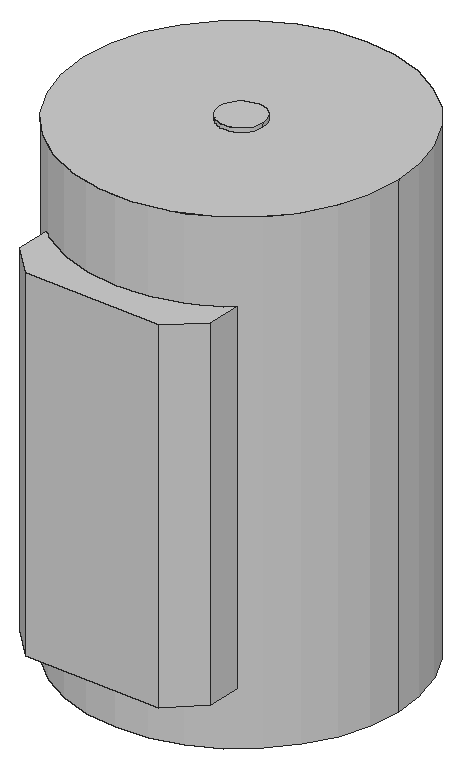
Revit family "DC_Rheem_PLM_ HeavyDutyElectric_50L", category Plumbing Fixtures, host Face, Revit 2020
Family settings
  Host = Face
  Round Connector Dimension = Use Radius
  Part Type = Normal
  Cut with Voids When Loaded = No
  Shared = No
  Room Calculation Point = No
Parameters (values of type "Heavy Duty Electric Storage - Indoor/Outdoor - 50L - 3 x 3.6kW")
  URL = "http://www.rheem.com.au/CommercialProducts"
  Type Comments = "240L first hour delivery @ 50°C rise"
  T&PRValveConnection_ANZRS = 3/8"
  Model = "61305007\r\n"
  Materials_ANZRS = Rheem - Joey Grey Steel
  Radius_ANZRS = Diameter_ANZRS / 2  # 218 mm
  Manufacturer = "Rheem"
  L1_ANZRS = 264 mm
  HotWaterPipeRadius_ANZRS = 5/8"
  HotWaterOutletHeight_ANZRS = 405 mm
  Height_ANZRS = 660 mm
  H1_ANZRS = 475 mm
  H_ANZRS = 74 mm
  Diameter_ANZRS = 436 mm
  DesignBy_ANZRS = "Design Content ©\r\n"
  Description = "Heavy Duty Electric Storage - Indoor/Outdoor - 50L - 3 x 3.6kW"
  Default Elevation = 0 mm
  ColdWaterPipeRadius_ANZRS = 5/8"
  ColdWaterInletHeight_ANZRS = 98 mm
  Author_ANZRS = "DM\r\n"
Types (3, lengths in mm): name | Model | Description
  (no name) | "61305008" | "Heavy Duty Electric Storage - Indoor/Outdoor - 50L - 3 x 4.8kW"
  Heavy Duty Electric Storage - Indoor/Outdoor - 50L - 3 x 3.6kW | "61305007\r\n" | "Heavy Duty Electric Storage - Indoor/Outdoor - 50L - 3 x 3.6kW"
  Heavy Duty Electric Storage - Indoor/Outdoor - 50L - 3 x 4.8kW | "61305008" | "Heavy Duty Electric Storage - Indoor/Outdoor - 50L - 3 x 4.8kW"
Reference planes
  plane 1 "Center (Front/Back)": y = 0
  plane 2: z = 0
  plane 3 "Center (Left/Right)": x = 0
  plane 4 "Dia 4": x = -218
  plane 5 "Dia 3": x = 218
  plane 6 "Dia 1": y = 218
  plane 7 "Dia 2": y = -218
  plane 8 "Box Depth": y = -258
  plane 9 "Box L1": x = -132
  plane 10 "Box L2": x = 132
  plane 11 "Height": z = 660
  plane 12 "Box Base": z = 74
  plane 13 "Box H": z = 549
  plane 14: through (-132, -218, 1219.2) normal (-0.7071, -0.7071, 0)
  plane 15: through (132, -218, 1219.2) normal (-0.7071, 0.7071, 0)
  plane 16 "Valve Center": through (0, 0, 1219.2) normal (0.5299, -0.848, 0)
  plane 17 "FireProof Base": z = 0
  plane 18 "Inlet Center": z = 98
  plane 19 "Conn Ex": x = -223
  plane 20 "Outlet Center": z = 503
  plane 21 "Total H": z = 665
  plane 22 "Ex 2": through (-259.007, -161.846, 1219.2) normal (-0.848, -0.5299, 0)
  plane 23 "Ex": x = -213
  plane 24 "Base Dia 2": x = 370
  plane 25 "Base Dia 1": x = -370
Forms (mm)
  Extrusion 1, solid, material "Rheem - Joey Grey Steel" <- "Materials_ANZRS"
    sketch origin (0, 0, 0) x (1, 0, 0) y (0, 1, 0)
      loop
        circle (0, 0) r 218
    from 0 to 660
  Extrusion 2, solid, material "Rheem - Joey Grey Steel" <- "Materials_ANZRS"
    sketch origin (0, 0, 0) x (0, 1, 0) y (0, 0, 1)
      loop
        circle (0, 98) r 15.875
    from -223 to -213
  Extrusion 3, solid, material "Rheem - Joey Grey Steel" <- "Materials_ANZRS"
    sketch origin (0, 0, 0) x (1, 0, 0) y (0, 1, 0)
      loop
        circle (0, 0) r 30
    from 660 to 665
  Extrusion 4, solid, material "Rheem - Joey Grey Steel" <- "Materials_ANZRS"
    sketch origin (0, 0, 0) x (0, 1, 0) y (0, 0, 1)
      loop
        circle (0, 503) r 15.875
    from -223 to -213
  Extrusion 5, solid, material "Rheem - Joey Grey Steel" <- "Materials_ANZRS"
    sketch origin (0, 0, 0) x (1, 0, 0) y (0, 1, 0)
      loop
        line (-132, -173.494) -> (-132, -218) -> (-92, -258) -> (92, -258) -> (132, -218) -> (132, -173.494)
        arc (132, -173.494) -> (0, -218) -> (-132, -173.494) r 218
    from 74 to 549
Cuts and joins
  joined: Extrusion 1, Extrusion 2, Extrusion 4
Lines and regions (mm)
  Masking region 1
    outline origin (0, 0, 0) x (1, 0, 0) y (0, 0, 1)
      loop
        line (-218, 660) -> (-218, 0) -> (218, 0) -> (218, 660) -> (-218, 660)
  Masking region 2
    outline origin (0, 0, 0) x (0, 1, 0) y (0, 0, 1)
      loop
        line (218, 660) -> (30, 660) -> (30, 665) -> (-30, 665) -> (-30, 660) -> (-218, 660) -> (-218, 549) -> (-258, 549) -> (-258, 74) -> (-218, 74) -> (-218, 0) -> (218, 0) -> (218, 660)
  Masking region 3
    outline origin (0, 0, 0) x (1, 0, 0) y (0, 1, 0)
      loop
        line (-132, -173.494) -> (-132, -218) -> (-92, -258) -> (92, -258) -> (132, -218) -> (132, -173.494)
        arc (132, -173.494) -> (0, 218) -> (-132, -173.494) r 218
  symbolic lines, style "Rheem_Heavy Duty Electric", detail levels fine
    curve 1: line (218, 0, 660) -> (-218, 0, 660)
    curve 2: line (218, 0, 0) -> (218, 0, 660)
    curve 3: line (-218, 0, 660) -> (-218, 0, 468.875)
    curve 4: line (30, 0, 665) -> (-30, 0, 665)
    curve 5: line (30, 0, 660) -> (30, 0, 665)
    curve 6: line (-30, 0, 660) -> (30, 0, 660)
    curve 7: line (-30, 0, 665) -> (-30, 0, 660)
    curve 8: line (-223, 0, 468.875) -> (-218, 0, 468.875)
    curve 9: line (-223, 0, 537.125) -> (-218, 0, 537.125)
    curve 10: line (-223, 0, 537.125) -> (-223, 0, 468.875)
    curve 11: arc (-218, 0, 468.875) -> (-223, 0, 503) -> (-218, 0, 537.125) r 118.952
    curve 12: line (-218, 0, 537.125) -> (-218, 0, 17.875)
    curve 13: line (-218, 0, 62.125) -> (-218, 0, 0)
    curve 14: spline (-181.77, 0, 519.894) -> (-180.141, 0, 524.203) -> (-178.183, 0, 527.596) -> (-175.98, 0, 529.925) -> (-173.628, 0, 531.09) -> (-171.228, 0, 531.041) -> (-168.884, 0, 529.779) -> (-166.698, 0, 527.359) -> (-164.763, 0, 523.886) -> (-163.165, 0, 519.51) -> (-161.97, 0, 514.42) -> (-161.233, 0, 508.836) -> (-160.983, 0, 503)
    curve 15: spline (-160.983, 0, 503) -> (-161.202, 0, 497.536) -> (-161.848, 0, 492.279) -> (-162.9, 0, 487.428) -> (-164.315, 0, 483.166) -> (-166.041, 0, 479.654) -> (-168.012, 0, 477.027) -> (-170.155, 0, 475.382) -> (-172.387, 0, 474.783) -> (-174.624, 0, 475.251) -> (-176.782, 0, 476.77) -> (-178.778, 0, 479.281) -> (-180.538, 0, 482.69)
    curve 16: line (-199.588, 0, 486.343) -> (-180.538, 0, 486.343)
    curve 17: spline (-165.615, 0, 503) -> (-165.674, 0, 500.693) -> (-165.851, 0, 498.426) -> (-166.141, 0, 496.237) -> (-166.541, 0, 494.163) -> (-167.043, 0, 492.241) -> (-167.639, 0, 490.503) -> (-168.319, 0, 488.979) -> (-169.07, 0, 487.695) -> (-169.881, 0, 486.672) -> (-170.737, 0, 485.929) -> (-171.623, 0, 485.478) -> (-172.525, 0, 485.327)
    curve 18: spline (-172.525, 0, 519.894) -> (-171.623, 0, 519.749) -> (-170.737, 0, 519.318) -> (-169.881, 0, 518.608) -> (-169.07, 0, 517.63) -> (-168.319, 0, 516.403) -> (-167.639, 0, 514.946) -> (-167.043, 0, 513.284) -> (-166.541, 0, 511.447) -> (-166.141, 0, 509.465) -> (-165.851, 0, 507.372) -> (-165.674, 0, 505.205) -> (-165.615, 0, 503)
    curve 19: spline (-211.461, 0, 514.996) -> (-210.413, 0, 517.083) -> (-209.218, 0, 518.631) -> (-207.923, 0, 519.58) -> (-206.577, 0, 519.894) -> (-205.232, 0, 519.561) -> (-203.939, 0, 518.594) -> (-202.747, 0, 517.03) -> (-201.704, 0, 514.929) -> (-200.847, 0, 512.371) -> (-200.211, 0, 509.454) -> (-199.819, 0, 506.29) -> (-199.687, 0, 503)
    curve 20: spline (-214.63, 0, 503) -> (-214.446, 0, 506.407) -> (-213.908, 0, 509.581) -> (-213.053, 0, 512.307) -> (-211.938, 0, 514.399) -> (-210.639, 0, 515.714) -> (-209.246, 0, 516.163) -> (-207.853, 0, 515.714) -> (-206.554, 0, 514.399) -> (-205.439, 0, 512.307) -> (-204.584, 0, 509.581) -> (-204.046, 0, 506.407) -> (-203.862, 0, 503)
    curve 21: spline (-203.862, 0, 503) -> (-204.046, 0, 500.371) -> (-204.584, 0, 497.92) -> (-205.439, 0, 495.816) -> (-206.554, 0, 494.202) -> (-207.853, 0, 493.187) -> (-209.246, 0, 492.841) -> (-210.639, 0, 493.187) -> (-211.938, 0, 494.202) -> (-213.053, 0, 495.816) -> (-213.908, 0, 497.92) -> (-214.446, 0, 500.371) -> (-214.63, 0, 503)
    curve 22: line (-199.588, 0, 523) -> (-180.538, 0, 523)
    curve 23: line (-199.588, 0, 523) -> (-199.588, 0, 486.343)
    curve 24: line (-180.538, 0, 523) -> (-180.538, 0, 486.343)
    curve 25: line (-172.525, 0, 485.327) -> (-180.538, 0, 485.327)
    curve 26: line (-172.525, 0, 519.894) -> (-206.596, 0, 519.894)
    curve 27: line (-206.596, 0, 489.961) -> (-199.588, 0, 489.961)
    curve 28: spline (-206.596, 0, 516.163) -> (-205.894, 0, 516.05) -> (-205.203, 0, 515.714) -> (-204.536, 0, 515.161) -> (-203.905, 0, 514.399) -> (-203.319, 0, 513.443) -> (-202.79, 0, 512.307) -> (-202.325, 0, 511.013) -> (-201.934, 0, 509.581) -> (-201.623, 0, 508.037) -> (-201.396, 0, 506.407) -> (-201.259, 0, 504.718) -> (-201.213, 0, 503)
    curve 29: spline (-201.213, 0, 503) -> (-201.259, 0, 501.674) -> (-201.396, 0, 500.371) -> (-201.623, 0, 499.112) -> (-201.934, 0, 497.92) -> (-202.325, 0, 496.815) -> (-202.79, 0, 495.816) -> (-203.319, 0, 494.94) -> (-203.905, 0, 494.202) -> (-204.536, 0, 493.614) -> (-205.203, 0, 493.187) -> (-205.894, 0, 492.928) -> (-206.596, 0, 492.841)
    curve 30: line (-209.246, 0, 516.163) -> (-206.596, 0, 516.163)
    curve 31: line (-209.246, 0, 492.841) -> (-206.596, 0, 492.841)
    curve 32: spline (-211.461, 0, 493.741) -> (-210.413, 0, 492.13) -> (-209.218, 0, 490.936) -> (-207.923, 0, 490.203) -> (-206.577, 0, 489.961) -> (-205.232, 0, 490.218) -> (-203.939, 0, 490.964) -> (-202.747, 0, 492.171) -> (-201.704, 0, 493.793) -> (-200.847, 0, 495.767) -> (-200.211, 0, 498.019) -> (-199.819, 0, 500.461) -> (-199.687, 0, 503)
    curve 33: spline (-152.646, 0, 503) -> (-152.975, 0, 495.924) -> (-153.946, 0, 489.143) -> (-155.521, 0, 482.942) -> (-157.631, 0, 477.58) -> (-160.191, 0, 473.28) -> (-163.092, 0, 470.224) -> (-166.213, 0, 468.538) -> (-169.424, 0, 468.293) -> (-172.59, 0, 469.499) -> (-175.579, 0, 472.106) -> (-178.266, 0, 476.005) -> (-180.538, 0, 481.033)
    curve 34: spline (-152.646, 0, 503) -> (-153.027, 0, 510.78) -> (-154.15, 0, 518.183) -> (-155.961, 0, 524.851) -> (-158.373, 0, 530.46) -> (-161.269, 0, 534.739) -> (-164.508, 0, 537.48) -> (-167.933, 0, 538.551) -> (-171.379, 0, 537.899) -> (-174.679, 0, 535.557) -> (-177.672, 0, 531.638) -> (-180.214, 0, 526.331) -> (-182.181, 0, 519.894)
    curve 35: line (-132, 0, 549) -> (-132, 0, 74)
    curve 36: line (132, 0, 549) -> (132, 0, 74)
    curve 37: line (-132, 0, 549) -> (132, 0, 549)
    curve 38: line (-132, 0, 74) -> (132, 0, 74)
    curve 39: line (92, 0, 74) -> (92, 0, 549)
    curve 40: line (-92, 0, 74) -> (-92, 0, 549)
    curve 41: line (0, 218, 660) -> (0, -218, 660)
    curve 42: line (0, 218, 0) -> (0, 218, 660)
    curve 43: line (0, -218, 0) -> (0, 218, 0)
    curve 44: line (0, -218, 660) -> (0, -218, 599)
    curve 45: line (0, 30, 665) -> (0, -30, 665)
    curve 46: line (0, -30, 665) -> (0, -30, 660)
    curve 47: line (0, 30, 665) -> (0, 30, 660)
    curve 48: arc (0, 15.875, 503) -> (0, 0, 487.125) -> (0, -15.875, 503) r 15.875
    curve 49: arc (0, -15.875, 503) -> (0, 0, 518.875) -> (0, 15.875, 503) r 15.875
    curve 50: arc (0, 15.875, 98) -> (0, 0, 82.125) -> (0, -15.875, 98) r 15.875
    curve 51: arc (0, -15.875, 98) -> (0, 0, 113.875) -> (0, 15.875, 98) r 15.875
    curve 52: line (0, -258, 74) -> (0, -173.494, 74)
    curve 53: line (0, -258, 599) -> (0, -258, 74)
    curve 54: line (0, -173.494, 599) -> (0, -258, 599)
    curve 55: line (0, -173.494, 74) -> (0, -173.494, 599)
    curve 56: line (0, -218, 74) -> (0, -218, 0)
    curve 57: spline (0, -71.365, 485.287) -> (0, -68.829, 485.257) -> (0, -66.313, 485.638) -> (0, -63.865, 486.422) -> (0, -61.531, 487.594) -> (0, -59.355, 489.132) -> (0, -57.379, 491.007) -> (0, -55.639, 493.183) -> (0, -54.168, 495.62) -> (0, -52.994, 498.272) -> (0, -52.14, 501.088) -> (0, -51.621, 504.016) -> (0, -51.446, 507)
    curve 58: spline (0, -51.446, 507) -> (0, -51.846, 511.504) -> (0, -53.027, 515.814) -> (0, -54.938, 519.743) -> (0, -57.496, 523.12) -> (0, -60.592, 525.801) -> (0, -64.091, 527.669) -> (0, -67.842, 528.643) -> (0, -71.683, 528.681) -> (0, -75.447, 527.782) -> (0, -78.972, 525.984) -> (0, -82.106, 523.365) -> (0, -84.713, 520.039)
    curve 59: line (0, -90.402, 477) -> (0, -71.365, 477)
    curve 60: spline (0, -101.479, 507) -> (0, -101.185, 504.371) -> (0, -100.324, 501.92) -> (0, -98.955, 499.816) -> (0, -97.171, 498.202) -> (0, -95.093, 497.187) -> (0, -92.863, 496.841) -> (0, -90.633, 497.187) -> (0, -88.555, 498.202) -> (0, -86.771, 499.816) -> (0, -85.402, 501.92) -> (0, -84.541, 504.371) -> (0, -84.248, 507)
    curve 61: spline (0, -82.592, 507) -> (0, -82.666, 508.326) -> (0, -82.886, 509.629) -> (0, -83.248, 510.888) -> (0, -83.746, 512.08) -> (0, -84.372, 513.185) -> (0, -85.116, 514.184) -> (0, -85.963, 515.06) -> (0, -86.9, 515.798) -> (0, -87.911, 516.386) -> (0, -88.978, 516.813) -> (0, -90.083, 517.072) -> (0, -91.208, 517.159)
    curve 62: spline (0, -91.208, 496.841) -> (0, -90.083, 496.928) -> (0, -88.978, 497.187) -> (0, -87.911, 497.614) -> (0, -86.9, 498.202) -> (0, -85.963, 498.94) -> (0, -85.116, 499.816) -> (0, -84.372, 500.815) -> (0, -83.746, 501.92) -> (0, -83.248, 503.112) -> (0, -82.886, 504.371) -> (0, -82.666, 505.674) -> (0, -82.592, 507)
    curve 63: spline (0, -84.248, 507) -> (0, -84.541, 509.629) -> (0, -85.402, 512.08) -> (0, -86.771, 514.184) -> (0, -88.555, 515.798) -> (0, -90.633, 516.813) -> (0, -92.863, 517.159) -> (0, -95.093, 516.813) -> (0, -97.171, 515.798) -> (0, -98.955, 514.184) -> (0, -100.324, 512.08) -> (0, -101.185, 509.629) -> (0, -101.479, 507)
    curve 64: spline (0, -80.15, 507) -> (0, -80.527, 510.375) -> (0, -81.631, 513.52) -> (0, -83.389, 516.22) -> (0, -85.679, 518.292) -> (0, -88.346, 519.595) -> (0, -91.208, 520.039) -> (0, -94.07, 519.595) -> (0, -96.736, 518.292) -> (0, -99.027, 516.22) -> (0, -100.784, 513.52) -> (0, -101.889, 510.375) -> (0, -102.265, 507)
    curve 65: spline (0, -102.265, 507) -> (0, -101.889, 503.625) -> (0, -100.784, 500.48) -> (0, -99.027, 497.78) -> (0, -96.736, 495.708) -> (0, -94.07, 494.405) -> (0, -91.208, 493.961) -> (0, -88.346, 494.405) -> (0, -85.679, 495.708) -> (0, -83.389, 497.78) -> (0, -81.631, 500.48) -> (0, -80.527, 503.625) -> (0, -80.15, 507)
    curve 66: spline (0, -71.365, 494.073) -> (0, -69.801, 493.962) -> (0, -68.239, 494.112) -> (0, -66.711, 494.521) -> (0, -65.247, 495.181) -> (0, -63.877, 496.078) -> (0, -62.628, 497.195) -> (0, -61.526, 498.508) -> (0, -60.592, 499.993) -> (0, -59.846, 501.617) -> (0, -59.302, 503.35) -> (0, -58.971, 505.157) -> (0, -58.86, 507)
    curve 67: spline (0, -58.86, 507) -> (0, -58.954, 508.702) -> (0, -59.236, 510.375) -> (0, -59.701, 511.99) -> (0, -60.341, 513.52) -> (0, -61.145, 514.938) -> (0, -62.098, 516.22) -> (0, -63.186, 517.345) -> (0, -64.389, 518.292) -> (0, -65.686, 519.047) -> (0, -67.055, 519.595) -> (0, -68.474, 519.927) -> (0, -69.917, 520.039)
    curve 68: arc (0, -90.402, 493.877) -> (0, -83.373, 494.308) -> (0, -76.774, 496.767) r 23.915
    curve 69: arc (0, -76.774, 496.767) -> (0, -74.997, 497.556) -> (0, -73.111, 498.028) r 11.258
    curve 70: arc (0, -73.111, 498.028) -> (0, -71.975, 497.756) -> (0, -71.365, 496.759) r 1.524
    curve 71: line (0, -71.365, 496.759) -> (0, -71.365, 477)
    curve 72: line (0, -90.402, 477) -> (0, -90.402, 493.877)
    curve 73: line (0, -91.208, 493.961) -> (0, -90.026, 493.961)
    curve 74: line (0, -91.208, 520.039) -> (0, -69.917, 520.039)
    curve 75: line (0, -92.863, 517.159) -> (0, -91.208, 517.159)
    curve 76: line (0, -92.863, 496.841) -> (0, -91.208, 496.841)
    curve 77: spline (0, -42.171, 507) -> (0, -42.776, 512.899) -> (0, -44.563, 518.513) -> (0, -47.445, 523.573) -> (0, -51.284, 527.836) -> (0, -55.894, 531.095) -> (0, -61.055, 533.193) -> (0, -66.517, 534.031) -> (0, -72.017, 533.567) -> (0, -77.29, 531.824) -> (0, -82.083, 528.885) -> (0, -86.165, 524.893) -> (0, -89.339, 520.039)
    curve 78: spline (0, -42.171, 507) -> (0, -42.432, 503.109) -> (0, -43.212, 499.298) -> (0, -44.493, 495.648) -> (0, -46.249, 492.234) -> (0, -48.443, 489.127) -> (0, -51.03, 486.393) -> (0, -53.956, 484.087) -> (0, -57.16, 482.258) -> (0, -60.576, 480.944) -> (0, -64.131, 480.173) -> (0, -67.753, 479.96) -> (0, -71.365, 480.309)
    curve 79: line (0, -218, 0) -> (0, 218, 0)
    curve 80: arc (-218, 0, 0) -> (0, -218, 0) -> (218, 0, 0) r 218
    curve 81: arc (218, 0, 0) -> (0, 218, 0) -> (-218, 0, 0) r 218
    curve 82: arc (30, 0, 0) -> (0, 30, 0) -> (-30, 0, 0) r 30
    curve 83: arc (-30, 0, 0) -> (0, -30, 0) -> (30, 0, 0) r 30
    curve 84: line (-132, -173.494, 0) -> (-132, -218, 0)
    curve 85: line (132, -218, 0) -> (132, -173.494, 0)
    curve 86: line (-132, -173.494, 0) -> (-132, -218, 0)
    curve 87: line (-92, -258, 0) -> (92, -258, 0)
    curve 88: line (92, -258, 0) -> (132, -218, 0)
    curve 89: circle (0, 0, 0) r 30 normal (0, 0, 1)
    curve 90: circle (0, 0, 0) r 218 normal (0, 0, 1)
    curve 91: line (-92, -258, 0) -> (-132, -218, 0)
Dimensions and locks
  equal spacing: plane 4 "Dia 4", plane 3 "Center (Left/Right)", plane 5 "Dia 3"
  "Diameter_ANZRS": plane 4 "Dia 4" to plane 5 "Dia 3"
  equal spacing: plane 6 "Dia 1", plane 1 "Center (Front/Back)", plane 7 "Dia 2"
  "Diameter_ANZRS": plane 6 "Dia 1" to plane 7 "Dia 2"
  locked: plane 7 "Dia 2" to plane 8 "Box Depth" at 40
  equal spacing: plane 9 "Box L1", plane 3 "Center (Left/Right)", plane 10 "Box L2"
  "L1_ANZRS": plane 9 "Box L1" to plane 10 "Box L2"
  "Height_ANZRS": plane 11 "Height" to plane 17 "FireProof Base"
  "H_ANZRS": plane 12 "Box Base" to plane 17 "FireProof Base"
  "H1_ANZRS": plane 13 "Box H" to plane 12 "Box Base"
  "ColdWaterInletHeight_ANZRS": plane 18 "Inlet Center" to host face
  plane 19 "Conn Ex" to plane 4 "Dia 4" = 5 mm
  "HotWaterOutletHeight_ANZRS": plane 20 "Outlet Center" to plane 18 "Inlet Center"
  locked: plane 21 "Total H" to plane 11 "Height" at 5
  equal spacing: plane 25 "Base Dia 1", plane 3 "Center (Left/Right)", plane 24 "Base Dia 2"
  plane 25 "Base Dia 1" to plane 24 "Base Dia 2" = 740 mm
  locked: plane 22 "Ex 2" to plane 16 "Valve Center" at 305.416
  equal spacing: plane 19 "Conn Ex", plane 4 "Dia 4", plane 23 "Ex", locked at 5 each
  "Radius_ANZRS": radius of Extrusion 1 sketch curve
  "ColdWaterPipeRadius_ANZRS": radius of Extrusion 2 sketch curve
  "HotWaterPipeRadius_ANZRS": radius of Extrusion 4 sketch curve
  angle plane 1 "Center (Front/Back)" to plane 16 "Valve Center" = 32.00°
  aligned and locked: plane 2 to host face
  aligned and locked: level to host face
  aligned and locked: plane 11 "Height" to Extrusion 1
  aligned: plane 8 "Box Depth" to cut or joined group of Extrusion 1, Extrusion 2, Extrusion 4
  aligned: plane 15 to cut or joined group of Extrusion 1, Extrusion 2, Extrusion 4
  aligned: cut or joined group of Extrusion 1, Extrusion 2, Extrusion 4 to plane 14
  aligned and locked: plane 19 "Conn Ex" to Extrusion 2
  aligned: plane 4 "Dia 4" to Extrusion 2
  aligned and locked: Extrusion 3 to plane 11 "Height"
  aligned and locked: plane 21 "Total H" to Extrusion 3
  aligned and locked: plane 20 "Outlet Center" to Extrusion 4 sketch curve
  aligned and locked: plane 1 "Center (Front/Back)" to Extrusion 4 sketch curve
  aligned and locked: plane 19 "Conn Ex" to Extrusion 4
  aligned: plane 4 "Dia 4" to Extrusion 4
  aligned and locked: plane 23 "Ex" to Extrusion 2
  aligned and locked: plane 23 "Ex" to Extrusion 4
  aligned: Extrusion 1 to plane 17 "FireProof Base"
  aligned and locked: curve 1 to cut or joined group of Extrusion 1, Extrusion 2, Extrusion 4
  aligned and locked: curve 2 to cut or joined group of Extrusion 1, Extrusion 2, Extrusion 4
  aligned and locked: curve 3 to cut or joined group of Extrusion 1, Extrusion 2, Extrusion 4
  aligned and locked: curve 4 to Extrusion 3
  aligned and locked: curve 5 to Extrusion 3
  aligned and locked: curve 6 to curve 1
  aligned and locked: curve 7 to Extrusion 3
  aligned and locked: plane 19 "Conn Ex" to curve 10
  aligned: curve 22 to cut or joined group of Extrusion 1, Extrusion 2, Extrusion 4
  aligned and locked: curve 35 to plane 9 "Box L1"
  aligned and locked: plane 10 "Box L2" to curve 36
  aligned and locked: curve 37 to plane 13 "Box H"
  aligned and locked: curve 38 to plane 12 "Box Base"
  aligned: curve 39 to cut or joined group of Extrusion 1, Extrusion 2, Extrusion 4
  aligned: curve 40 to cut or joined group of Extrusion 1, Extrusion 2, Extrusion 4
  aligned and locked: curve 41 to cut or joined group of Extrusion 1, Extrusion 2, Extrusion 4
  aligned and locked: plane 6 "Dia 1" to curve 42
  aligned and locked: curve 43 to cut or joined group of Extrusion 1, Extrusion 2, Extrusion 4
  aligned and locked: plane 7 "Dia 2" to curve 44
  aligned and locked: curve 45 to Extrusion 3
  aligned and locked: curve 48 to cut or joined group of Extrusion 1, Extrusion 2, Extrusion 4
  aligned and locked: curve 49 to cut or joined group of Extrusion 1, Extrusion 2, Extrusion 4
  aligned and locked: curve 50 to cut or joined group of Extrusion 1, Extrusion 2, Extrusion 4
  aligned and locked: curve 51 to cut or joined group of Extrusion 1, Extrusion 2, Extrusion 4
  aligned and locked: curve 80 to cut or joined group of Extrusion 1, Extrusion 2, Extrusion 4
  aligned and locked: curve 81 to cut or joined group of Extrusion 1, Extrusion 2, Extrusion 4
  aligned and locked: curve 82 to Extrusion 3
  aligned and locked: curve 83 to Extrusion 3
  aligned and locked: Masking region 1 sketch curve to cut or joined group of Extrusion 1, Extrusion 2, Extrusion 4
  aligned and locked: Masking region 1 sketch curve to curve 3
  aligned and locked: Masking region 1 sketch curve to curve 2
  aligned and locked: Masking region 2 sketch curve to cut or joined group of Extrusion 1, Extrusion 2, Extrusion 4
  aligned and locked: curve 42 to Masking region 2 sketch curve
  aligned and locked: host face to Masking region 2 sketch curve
  aligned and locked: Masking region 2 sketch curve to Extrusion 3
  aligned and locked: curve 44 to Masking region 2 sketch curve
  aligned and locked: Masking region 2 sketch curve to curve 56
  aligned and locked: Extrusion 5 sketch curve to cut or joined group of Extrusion 1, Extrusion 2, Extrusion 4
  aligned and locked: Extrusion 5 sketch curve to curve 84
  aligned and locked: Extrusion 5 sketch curve to plane 14
  aligned and locked: Extrusion 5 sketch curve to plane 15
  aligned and locked: Extrusion 5 sketch curve to curve 85
  aligned and locked: plane 8 "Box Depth" to Extrusion 5 sketch curve
  aligned and locked: plane 13 "Box H" to Extrusion 5
  aligned and locked: Extrusion 5 to plane 12 "Box Base"
  aligned and locked: Masking region 3 sketch curve to plane 10 "Box L2"
  aligned and locked: Masking region 3 sketch curve to Extrusion 5  (x3)
  aligned and locked: Masking region 3 sketch curve to plane 9 "Box L1"
  aligned and locked: Extrusion 1 to level
Automatic sketch dimensions
  host sketch curve to host sketch curve = 2438.4 mm  (x2)
  plane 1 "Center (Front/Back)" to Extrusion 3 sketch curve = 0 mm
  Extrusion 3 sketch curve to plane 3 "Center (Left/Right)" = 0 mm
  plane 8 "Box Depth" to curve 91 = 0 mm
  plane 14 to curve 91 = 0 mm
  curve 88 to plane 15 = 0 mm
  plane 7 "Dia 2" to curve 85 = 0 mm
  curve 85 to plane 10 "Box L2" = 0 mm
  plane 7 "Dia 2" to curve 84 = 0 mm
  curve 53 to plane 8 "Box Depth" = 0 mm
  curve 43 to plane 7 "Dia 2" = 0 mm
  plane 13 "Box H" to curve 55 = 50 mm
  curve 55 to plane 12 "Box Base" = 0 mm
  plane 20 "Outlet Center" to curve 64 = 4 mm
  plane 20 "Outlet Center" to curve 63 = 4 mm
  plane 20 "Outlet Center" to curve 62 = 4 mm
  plane 20 "Outlet Center" to curve 58 = 4 mm
  plane 20 "Outlet Center" to curve 67 = 4 mm
  plane 20 "Outlet Center" to curve 78 = 4 mm
  plane 21 "Total H" to curve 46 = 0 mm
  curve 55 to plane 7 "Dia 2" = 44.506 mm
  curve 64 to curve 48 = 86.39 mm
  curve 65 to curve 63 = 0.787 mm
  curve 63 to curve 76 = 8.615 mm
  curve 60 to curve 60 = 8.615 mm
  curve 75 to curve 60 = 0 mm
  curve 60 to curve 61 = 1.656 mm  (x2)
  curve 62 to curve 61 = 0 mm
  curve 74 to curve 75 = 0 mm
  curve 73 to curve 61 = 0 mm
  curve 64 to curve 61 = 0 mm
  curve 64 to curve 59 = 0.806 mm
  curve 72 to curve 73 = 0.376 mm
  curve 74 to curve 77 = 1.868 mm
  curve 77 to curve 68 = 1.006 mm
  curve 68 to curve 58 = 3.62 mm
  curve 64 to curve 68 = 3.376 mm
  curve 69 to curve 68 = 0 mm
  curve 68 to curve 70 = 3.663 mm
  curve 69 to curve 70 = 0 mm
  curve 70 to curve 70 = 0.241 mm
  curve 70 to curve 66 = 1.505 mm
  curve 57 to curve 69 = 0.033 mm
  curve 58 to curve 74 = 14.795 mm
  curve 57 to curve 58 = 1.448 mm
  curve 57 to curve 58 = 0 mm  (x2)
  curve 66 to curve 67 = 0 mm  (x2)
  curve 58 to curve 78 = 2.605 mm
  curve 77 to curve 78 = 0 mm
  curve 77 to curve 66 = 8.453 mm
  curve 66 to curve 58 = 7.413 mm
  curve 58 to curve 78 = 9.276 mm
  plane 1 "Center (Front/Back)" to curve 46 = 30 mm
  curve 47 to plane 1 "Center (Front/Back)" = 30 mm
  curve 78 to curve 58 = 4.91 mm
  curve 57 to curve 69 = 1.624 mm
  curve 68 to curve 64 = 0.084 mm
  curve 65 to curve 64 = 0 mm
  curve 73 to curve 62 = 2.88 mm
  curve 63 to curve 60 = 0 mm
  Masking region 1 sketch curve to level = 0 mm
  Masking region 2 sketch curve to plane 8 "Box Depth" = 0 mm
  Masking region 2 sketch curve to plane 11 "Height" = 0 mm
  Masking region 2 sketch curve to plane 12 "Box Base" = 0 mm
  Masking region 2 sketch curve to plane 13 "Box H" = 0 mm
  plane 1 "Center (Front/Back)" to Masking region 2 sketch curve = 30 mm
  Masking region 2 sketch curve to plane 1 "Center (Front/Back)" = 30 mm
  curve 80 to curve 89 = 0 mm  (x2)
  curve 80 to curve 90 = 0 mm  (x2)
  curve 86 to plane 9 "Box L1" = 0 mm
  plane 1 "Center (Front/Back)" to Masking region 3 sketch curve = 0 mm
  Masking region 3 sketch curve to plane 3 "Center (Left/Right)" = 0 mm
  Masking region 3 sketch curve to plane 7 "Dia 2" = 44.506 mm
  curve 9 to plane 4 "Dia 4" = 0 mm
  curve 13 to level = 0 mm
  curve 13 to plane 4 "Dia 4" = 0 mm  (x2)
  curve 21 to plane 20 "Outlet Center" = 0 mm
  curve 32 to plane 20 "Outlet Center" = 0 mm
  curve 28 to plane 20 "Outlet Center" = 0 mm
  curve 15 to plane 20 "Outlet Center" = 0 mm
  curve 18 to plane 20 "Outlet Center" = 0 mm
  curve 33 to plane 20 "Outlet Center" = 0 mm
  curve 11 to plane 20 "Outlet Center" = 0 mm
  curve 2 to level = 0 mm
  curve 21 to plane 23 "Ex" = 1.63 mm
  plane 23 "Ex" to curve 32 = 1.539 mm
  plane 23 "Ex" to curve 19 = 1.539 mm
  plane 23 "Ex" to curve 20 = 3.754 mm
  curve 32 to curve 31 = 2.215 mm
  curve 30 to curve 20 = 0 mm
  curve 20 to curve 32 = 2.65 mm
  curve 30 to curve 28 = 2.65 mm
  curve 19 to curve 30 = 0 mm
  curve 31 to curve 31 = 2.65 mm
  curve 26 to curve 19 = 0 mm
  curve 27 to curve 32 = 0 mm
  curve 21 to curve 28 = 2.65 mm
  curve 28 to curve 32 = 1.526 mm
  curve 32 to curve 23 = 7.008 mm
  curve 22 to curve 34 = 17.407 mm
  curve 34 to curve 14 = 0.411 mm
  curve 16 to curve 15 = 19.05 mm
  curve 25 to curve 17 = 8.013 mm
  curve 17 to curve 18 = 0 mm
  curve 33 to curve 14 = 8.013 mm
  curve 15 to curve 17 = 0 mm
  curve 15 to curve 33 = 4.168 mm
  curve 34 to curve 33 = 0 mm
  curve 33 to curve 18 = 2.741 mm
  curve 17 to curve 15 = 4.632 mm
  curve 14 to curve 33 = 8.337 mm
  plane 9 "Box L1" to curve 11 = 27.952 mm
  plane 9 "Box L1" to curve 40 = 40 mm
  plane 10 "Box L2" to curve 39 = 40 mm
  level to curve 12 = 17.875 mm
  curve 13 to plane 12 "Box Base" = 11.875 mm
  curve 8 to plane 20 "Outlet Center" = 34.125 mm
  curve 15 to curve 14 = 0 mm
  curve 33 to curve 15 = 1.658 mm
  curve 15 to curve 17 = 2.636 mm
  curve 25 to curve 16 = 1.017 mm
  curve 16 to curve 27 = 3.618 mm
  curve 71 to plane 20 "Outlet Center" = 26 mm
  curve 59 to curve 78 = 3.309 mm
  curve 14 to plane 20 "Outlet Center" = 28.22 mm
  curve 19 to curve 22 = 3.106 mm
  plane 1 "Center (Front/Back)" to Extrusion 1 sketch curve = 0 mm
  Extrusion 1 sketch curve to plane 3 "Center (Left/Right)" = 0 mm
  Extrusion 2 sketch curve to plane 1 "Center (Front/Back)" = 0 mm
  Extrusion 2 sketch curve to plane 18 "Inlet Center" = 0 mm
  radius of Extrusion 3 sketch curve = 30 mm
  radius of curve 89 = 30 mm
  radius of curve 90 = 218 mm
Connectors
  piping at (-223, 0, 98), diameter 31.75, driven by "ColdWaterPipeRadius_ANZRS"
    settings: on cut or joined group of Extrusion 1, Extrusion 2, Extrusion 4, index 1, connector inside diameter 1 1/4", connector length 0 mm, flow factor 0, pipe flow 0 GPM, pressure drop 0.00 psi, fitting loss kfactor 0, connector angle 0.00°, fixture units 0, engagement length 0 mm, angle of deflection 0.00°, flow configuration 1, flow direction 1, fitting loss method 0, system type 20, joint type 0, gender type 0, connector reference index -1, connector utility 0, adjustable connector no, is connector primary yes, connector description ""
  piping at (-223, 0, 503), diameter 31.75, driven by "HotWaterPipeRadius_ANZRS"
    settings: on cut or joined group of Extrusion 1, Extrusion 2, Extrusion 4, index 2, connector inside diameter 1 1/4", connector length 0 mm, flow factor 0, pipe flow 0 GPM, pressure drop 0.00 psi, fitting loss kfactor 0, connector angle 0.00°, fixture units 0, engagement length 0 mm, angle of deflection 0.00°, flow configuration 1, flow direction 2, fitting loss method 0, system type 19, joint type 0, gender type 0, connector reference index -1, connector utility 0, adjustable connector no, is connector primary no, connector description ""
  electrical at (0, -216.498, 74)
    settings: on Extrusion 5, index 3, voltage 240 V, apparent load 0 VA, apparent load phase1 0 VA, apparent load phase2 0 VA, apparent load phase3 0 VA, power factor 1, load classification "Power", number of poles 1, system type 30, power factor state 1, is connector primary yes, connector utility no, sub classification motor no, connector description ""
